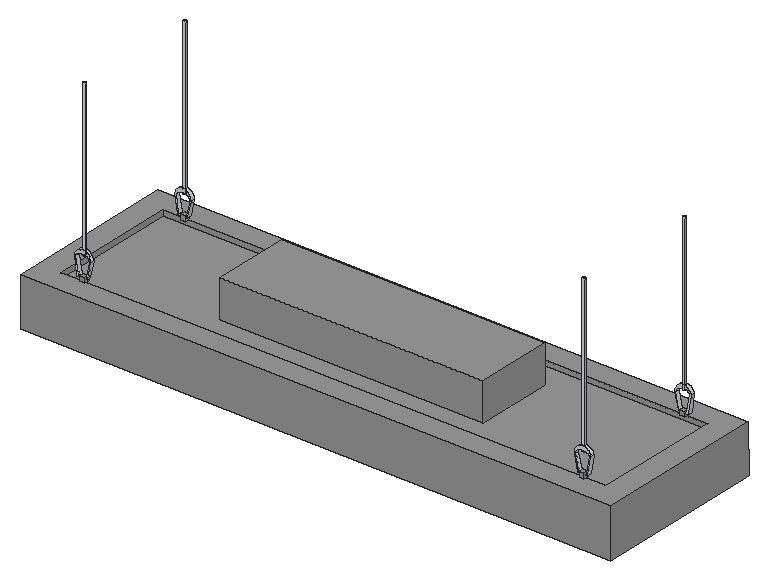
Revit family "HEFTY_4000K_7200LM", category Lighting Fixtures, host Ceiling, Revit 2021
Family settings
  Host = Ceiling
  Round Connector Dimension = Use Diameter
  Part Type = Normal
  OmniClass Number = 23.80.70.11
  OmniClass Title = Luminaries for Internal Lighting
  Always vertical = Yes
  Cut with Voids When Loaded = No
  Light Source = Yes
  Shared = No
  Room Calculation Point = No
Parameters (values of type "Type 1")
  Wattage = 48.4712 W
  built-in parameter 1150110 = 1 (stored number, unit not read)
  Type de lampe = "LED Mid Power"
  Type = "Luminaire industrie"
  built-in parameter 1114217 = 1 (stored number, unit not read)
  Tilt Angle = 90.00°
  Tension = "AC 220-240V"
  built-in parameter 1150109 = 1 (stored number, unit not read)
  built-in parameter 1150134 = 12
  built-in parameter 1150113 = 1 (stored number, unit not read)
  SDCM = "<3"
  Puissance nominale = "49W"
  Poids = "4,5 kg"
  Photometric Web File = "google_eulumdat_converter (6).ies"
  Matériau = "Acier galvanisé blanc"
  Maintien du flux = "L80B10 (50 000 heures)"
  Lumens = 7200 lm
  built-in parameter 1150115 = 1 (stored number, unit not read)
  built-in parameter 1150105 = 572.96 (stored number, unit not read)
  built-in parameter 1150137 = (empty or 0)
  built-in parameter 1150139 = (empty or 0)
  built-in parameter 1150112 = 1 (stored number, unit not read)
  built-in parameter 1150114 = 1 (stored number, unit not read)
  built-in parameter 1150132 = 2
  built-in parameter 1150102 = (empty or 0)
  built-in parameter 1150138 = (empty or 0)
  built-in parameter 1150107 = 4000 (stored number, unit not read)
  built-in parameter 1150106 = 5.7296 (stored number, unit not read)
  IRC = ">80"
  Emit from Rectangle Width = 609.6 mm
  Emit from Rectangle Length = 1219.2 mm
  Emit Shape Visible in Rendering = no
  built-in parameter 1150104 = 13.8 (stored number, unit not read)
  Durée de vie = "50 000 heures"
  Driver = "Driver Osram"
  Dimming Lamp Color Temperature Shift = <None>
  Dimensions = "650x190x90 mm"
  Diffuseur = "Polycarbonate transparent"
  Default Elevation = 0 mm
  Color Filter = 16777215
  built-in parameter 1114218 = 1 (stored number, unit not read)
  built-in parameter 1150133 = 10 (stored number, unit not read)
  Angle d'éclairage = "35°"
Reference planes
  plane 1 "Light Source Axis (F/B)": y = 0
  plane 2: z = 0
  plane 3 "Light Source Axis (L/R)": x = 0
  plane 4 "Ceiling": z = 4000
  plane 5 "Light Source Elevation": z = 3750
Forms (mm)
  Extrusion 1, solid, material "Steel, Galvanized"
    sketch origin (0, 0, 4000) x (0, 1, 0) y (-1, 0, 0)
      loop
        line (95, 325) -> (-95, 325) -> (-95, -325) -> (95, -325) -> (95, 325)
      loop
        line (70, 300) -> (-70, 300) -> (-70, -300) -> (70, -300) -> (70, 300)
    from -250 to -196.102
  Extrusion 2, solid, material "Steel, Galvanized"
    sketch origin (0, 0, 4000) x (0, 1, 0) y (-1, 0, 0)
      loop
        line (70, 300) -> (-70, 300) -> (-70, -300) -> (70, -300) -> (70, 300)
    from -201.474 to -207.22
  Extrusion 3, solid, material "Steel, Galvanized"
    sketch origin (0, 0, 4000) x (0, 1, 0) y (-1, 0, 0)
      loop
        line (71.862, 277.481) -> (66.862, 277.481) -> (66.862, 272.481) -> (71.862, 272.481) -> (71.862, 277.481)
    from -196.102 to -190.59
  Extrusion 4, solid, material "Steel, Galvanized"
    sketch origin (0, 0, 4000) x (0, 1, 0) y (-1, 0, 0)
      loop
        line (43.191, 147.964) -> (-41.809, 147.964) -> (-41.809, -142.036) -> (43.191, -142.036) -> (43.191, 147.964)
    from -207.22 to -160
  Extrusion 5, solid, material "Steel, Galvanized"
    sketch origin (0, 0, 4000) x (0, -1, 0) y (1, 0, 0)
      loop
        line (-71.862, 277.481) -> (-71.862, 272.481) -> (-66.862, 272.481) -> (-66.862, 277.481) -> (-71.862, 277.481)
    from -196.102 to -190.59
  Extrusion 6, solid, material "Steel, Galvanized"
    sketch origin (0, 0, 4000) x (0, -1, 0) y (1, 0, 0)
      loop
        line (71.862, 277.481) -> (66.862, 277.481) -> (66.862, 272.481) -> (71.862, 272.481) -> (71.862, 277.481)
    from -196.102 to -190.59
  Extrusion 7, solid, material "Steel, Galvanized"
    sketch origin (0, 0, 4000) x (0, 1, 0) y (-1, 0, 0)
      loop
        line (-71.862, 277.481) -> (-71.862, 272.481) -> (-66.862, 272.481) -> (-66.862, 277.481) -> (-71.862, 277.481)
    from -196.102 to -190.59
  Extrusion 8, solid
    sketch origin (0, 0, 0) x (1, 0, 0) y (0, 0, 1)
      loop
        line (-273.652, 3806.915) -> (-270.251, 3807.826) -> (-266.484, 3825.549)
        arc (-266.484, 3825.549) -> (-274.506, 3835.045) -> (-284.54, 3827.708) r 9.115
        line (-284.54, 3827.708) -> (-281.412, 3807.954) -> (-276.521, 3806.915) -> (-273.652, 3806.915)
      loop
        line (-274.011, 3807.991) -> (-271.034, 3808.788) -> (-267.537, 3825.237)
        arc (-267.537, 3825.237) -> (-274.423, 3831.527) -> (-282.81, 3827.45) r 8.303
        line (-282.81, 3827.45) -> (-279.848, 3808.744) -> (-276.306, 3807.991) -> (-274.011, 3807.991)
    from 67.418 to 71.074
  Extrusion 9, solid
    sketch origin (0, 0, 0) x (1, 0, 0) y (0, 0, -1)
      loop
        line (-273.652, -3806.915) -> (-276.521, -3806.915) -> (-281.412, -3807.954) -> (-284.54, -3827.708)
        arc (-284.54, -3827.708) -> (-274.506, -3835.045) -> (-266.484, -3825.549) r 9.115
        line (-266.484, -3825.549) -> (-270.251, -3807.826) -> (-273.652, -3806.915)
      loop
        line (-274.011, -3807.991) -> (-276.306, -3807.991) -> (-279.848, -3808.744) -> (-282.81, -3827.45)
        arc (-282.81, -3827.45) -> (-274.423, -3831.527) -> (-267.537, -3825.237) r 8.303
        line (-267.537, -3825.237) -> (-271.034, -3808.788) -> (-274.011, -3807.991)
    from 67.418 to 71.074
  Extrusion 10, solid
    sketch origin (0, 0, 0) x (-1, 0, 0) y (0, 0, 1)
      loop
        line (-273.652, 3806.915) -> (-270.251, 3807.826) -> (-266.484, 3825.549)
        arc (-266.484, 3825.549) -> (-274.506, 3835.045) -> (-284.54, 3827.708) r 9.115
        line (-284.54, 3827.708) -> (-281.412, 3807.954) -> (-276.521, 3806.915) -> (-273.652, 3806.915)
      loop
        line (-274.011, 3807.991) -> (-271.034, 3808.788) -> (-267.537, 3825.237)
        arc (-267.537, 3825.237) -> (-274.423, 3831.527) -> (-282.81, 3827.45) r 8.303
        line (-282.81, 3827.45) -> (-279.848, 3808.744) -> (-276.306, 3807.991) -> (-274.011, 3807.991)
    from 67.418 to 71.074
  Extrusion 11, solid
    sketch origin (0, 0, 0) x (-1, 0, 0) y (0, 0, -1)
      loop
        line (-273.652, -3806.915) -> (-276.521, -3806.915) -> (-281.412, -3807.954) -> (-284.54, -3827.708)
        arc (-284.54, -3827.708) -> (-274.506, -3835.045) -> (-266.484, -3825.549) r 9.115
        line (-266.484, -3825.549) -> (-270.251, -3807.826) -> (-273.652, -3806.915)
      loop
        line (-274.011, -3807.991) -> (-276.306, -3807.991) -> (-279.848, -3808.744) -> (-282.81, -3827.45)
        arc (-282.81, -3827.45) -> (-274.423, -3831.527) -> (-267.537, -3825.237) r 8.303
        line (-267.537, -3825.237) -> (-271.034, -3808.788) -> (-274.011, -3807.991)
    from 67.418 to 71.074
  Extrusion 12, solid, material "Glass, White, High Luminance"
    sketch origin (0, 0, 4000) x (0, 1, 0) y (-1, 0, 0)
      loop
        line (70, 300) -> (-70, 300) -> (-70, -300) -> (70, -300) -> (70, 300)
    from -250 to -245.079
  Extrusion 13, solid
    sketch origin (0, 0, 4000) x (0, 1, 0) y (-1, 0, 0)
      loop
        circle (68.947, 275) r 1.348
    from -170.446 to 0
  Extrusion 14, solid
    sketch origin (0, 0, 4000) x (0, -1, 0) y (1, 0, 0)
      loop
        circle (-68.947, 275) r 1.348
    from -170.446 to 0
  Extrusion 15, solid
    sketch origin (0, 0, 4000) x (0, -1, 0) y (1, 0, 0)
      loop
        circle (68.947, 275) r 1.348
    from -170.446 to 0
  Extrusion 16, solid
    sketch origin (0, 0, 4000) x (0, 1, 0) y (-1, 0, 0)
      loop
        circle (-68.947, 275) r 1.348
    from -170.446 to 0
Lines and regions (mm)
  reference lines
    curve 1: line (0, 0, 4000) -> (325, 0, 4000)
    curve 2: line (0, 0, 4000) -> (-325, 0, 4000)
    curve 3: line (-325, 0, 4000) -> (-325, 95, 4000)
    curve 4: line (-325, 95, 4000) -> (325, 95, 4000)
    curve 5: line (325, 95, 4000) -> (325, -95, 4000)
    curve 6: line (325, -95, 4000) -> (-325, -95, 4000)
    curve 7: line (-325, -95, 4000) -> (-325, 0, 4000)
    curve 8: line (0, 0, 4000) -> (225, 0, 4000)
    curve 9: line (225, 0, 4000) -> (225, -70, 4000)
    curve 10: line (225, -70, 4000) -> (-275, -70, 4000)
    curve 11: line (-275, -70, 4000) -> (-275, 70, 4000)
    curve 12: line (-275, 70, 4000) -> (225, 70, 4000)
    curve 13: line (-325, 0, 4000) -> (-300, 0, 4000)
    curve 14: line (-300, 0, 4000) -> (-300, 5, 4000)
    curve 15: line (325, 0, 4000) -> (300, 0, 4000)
    curve 16: line (0, 0, 3750) -> (0, 0, 3840)
Dimensions and locks
  equal spacing: host sketch curve, plane 3 "Light Source Axis (L/R)", host sketch curve
  equal spacing: host sketch curve, plane 1 "Light Source Axis (F/B)", host sketch curve
  host sketch curve to host sketch curve = 4000 mm  (x2)
  plane 4 "Ceiling" to host ceiling = 0 mm
  aligned and locked: plane 3 "Light Source Axis (L/R)" to imposter light
  aligned and locked: plane 1 "Light Source Axis (F/B)" to imposter light
  aligned and locked: plane 5 "Light Source Elevation" to imposter light
